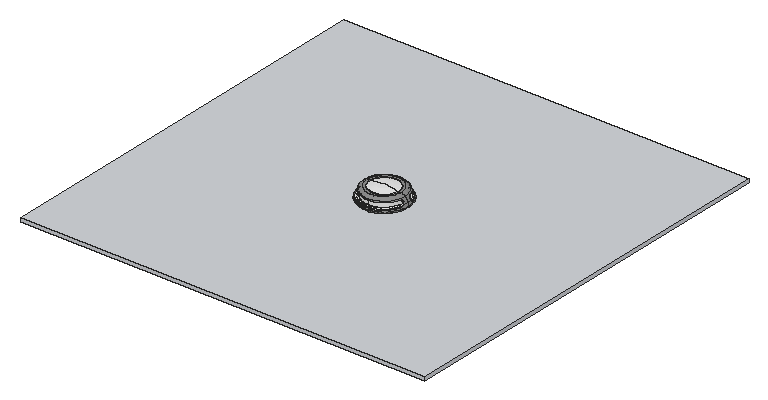
Revit family
Parameters (values of type "AM 1x16w TC-DDEL HF RD S ANT")
  Width = 293 mm
  Web Link to Docs = "www.thornlighting.com/en"
  Wattage Comments = ""
  Wattage = 36.2069 W
  Warrenty = ""
  built-in parameter 1150110 = 1 (stored number, unit not read)
  built-in parameter 1114217 = 1 (stored number, unit not read)
  Tilt Angle = -90.00°
  built-in parameter 1150109 = 1 (stored number, unit not read)
  built-in parameter 1150134 = 12
  built-in parameter 1150113 = 1 (stored number, unit not read)
  Supply Circuit Connections = ""
  Special Considerations = ""
  Spares List = "http://www.thornlighting.com/en/contact-us/contact-form"
  Sap Code = "96226989"
  Rating = "16"
  Power Factor = 0.63
  Placement Type = "Ceiling / Wall"
  Photometric Web File = "AM 1x16w TC-DDEL HF RD S ANT.IES"
  Phase Ref = ""
  Omniclass / Uniclass = ""
  No of Sources = 1
  No of Lamps = 1
  Mounting Type = "Surface"
  Mass = "1.6"
  Manufacturer = "Thorn Lighting"
  built-in parameter 1150105 = 83.556 (stored number, unit not read)
  Lumens = 1050 lm
  built-in parameter 1150115 = 1 (stored number, unit not read)
  built-in parameter 1150137 = (empty or 0)
  built-in parameter 1150139 = (empty or 0)
  Length = 293 mm
  Lamp Type = "Compact Fluroescent"
  built-in parameter 1150112 = 1 (stored number, unit not read)
  Lamp Position = "std"
  built-in parameter 1150114 = 1 (stored number, unit not read)
  Lamp = "16W TC-DDEL"
  built-in parameter 1150132 = 2
  built-in parameter 1150102 = (empty or 0)
  built-in parameter 1150107 = 4000 (stored number, unit not read)
  built-in parameter 1150138 = (empty or 0)
  built-in parameter 1150106 = 0.83556 (stored number, unit not read)
  IP Rating = "IP65"
  IK Rating = "IK09"
  Hz = 50 Hz
  Height = 79 mm
  F Marking = ""
  Emit from Circle Diameter = 200 mm
  Emit Shape Visible in Rendering = no
  built-in parameter 1150104 = 2.6942 (stored number, unit not read)
  Earthing Class = "1"
  Earth Present = yes
  Dimming Lamp Color Temperature Shift = (empty or 0)
  Default Elevation = 1219.2 mm
  Cost = 0
  Color Filter = 16777215
  Circuit Watts = 18 W
  CAD Model Ref Link = "www.thornlighting.com/en"
  Batch Ref = ""
  Ballast Type = "A3"
  built-in parameter 1114218 = 1 (stored number, unit not read)
  built-in parameter 1150133 = 10 (stored number, unit not read)
  Assembly Place = ""
  Aquisition date = ""
  Apparent Load = Circuit Watts / Power Factor  # 28.5714 VA
Types (3, lengths in mm): name | Width | Wattage | Sap Code | Rating | Power Factor | Photometric Web File | No of Lamps | Mass | built-in parameter 1150105 | Lumens | Length | Lamp | built-in parameter 1150106 | built-in parameter 1150104 | Circuit Watts | Ballast Type | Apparent Load
  (no name) | 293 | 36.2069 W | "96226989" | "16" | 0.63 | "AM 1x16w TC-DDEL HF RD S ANT.IES" | 1 | "1.6" | 83.556 (stored number, unit not read) | 1050 lm | 293 | "16W TC-DDEL" | 0.83556 (stored number, unit not read) | 2.6942 (stored number, unit not read) | 18 W | "A3" | 28.5714 VA
  AM 1x16w TC-DDEL HF RD S ANT | 293 | 36.2069 W | "96226989" | "16" | 0.63 | "AM 1x16w TC-DDEL HF RD S ANT.IES" | 1 | "1.6" | 83.556 (stored number, unit not read) | 1050 lm | 293 | "16W TC-DDEL" | 0.83556 (stored number, unit not read) | 2.6942 (stored number, unit not read) | 18 W | "A3" | 28.5714 VA
  AM 2x9w TC-SEL HF RD S ANT | 295 | 44.4444 W | "96226947" | "9" | 0.6 | "AM 2x9w TC-SEL HF RD S ANT.IES" | 2 | "1.5" | 95.493 (stored number, unit not read) | 1200 lm | 295 | "9W TC-SEL" | 0.95493 (stored number, unit not read) | 2.5084 (stored number, unit not read) | 18.5 W | "A2" | 30.8333 VA
Reference planes
  plane 1 "Centre (Front/Back)": y = 0
  plane 2: z = 0
  plane 3 "Centre (Left/Right)": x = 0
Forms (mm)
  Extrusion 1, solid
    sketch origin (0, 0, 0) x (1, 0, 0) y (0, 1, 0)
      loop
        line (-1219.2, 1219.2) -> (-1219.2, -1219.2) -> (1219.2, -1219.2) -> (1219.2, 1219.2) -> (-1219.2, 1219.2)
    from 0 to -20
  Revolve 2, solid, material "Thorn Opal Polycarbonate"
    sketch origin (0, 0, 0) x (1, 0, 0) y (0, 0, 1)
      loop
        arc (0, 77) -> (-43.03, 74.745) -> (-85.588, 68.004) r 411.655
        line (-85.588, 68.004) -> (-85.588, 65.959)
        arc (-85.588, 65.959) -> (-43.032, 72.734) -> (0, 75) r 409.655
        line (0, 75) -> (0, 77)
      axis (0, 77) -> (0, 65.959)
    angle from 0 to 360
  Revolve 3, solid, material "Thorn Grey Aluminium"
    sketch origin (0, 0, 0) x (1, 0, 0) y (0, 0, 1)
      loop
        arc (-103.073, 68.084) -> (-115.943, 63.61) -> (-125.717, 54.116) r 31.479
        arc (-125.717, 54.116) -> (-134.008, 40.464) -> (-140.207, 25.744) r 108.636
        arc (-140.207, 25.744) -> (-143.434, 16.457) -> (-146.315, 7.056) r 265.193
        arc (-146.315, 7.056) -> (-146.303, 5.885) -> (-145.714, 4.873) r 2.296
        arc (-145.714, 4.873) -> (-144.491, 3.441) -> (-142.975, 2.325) r 8.233
        arc (-142.975, 2.325) -> (-138.44, 0.64) -> (-133.644, 0) r 21.718
        line (-133.644, 0) -> (-85.588, 0) -> (-85.588, 2) -> (-133.623, 2)
        arc (-133.623, 2) -> (-137.939, 2.576) -> (-142.024, 4.086) r 19.718
        arc (-142.024, 4.086) -> (-143.374, 5.147) -> (-144.384, 6.536) r 6.233
        arc (-144.384, 6.536) -> (-141.524, 15.864) -> (-138.321, 25.079) r 263.193
        arc (-138.321, 25.079) -> (-132.224, 39.559) -> (-124.066, 52.986) r 106.636
        arc (-124.066, 52.986) -> (-114.957, 61.868) -> (-102.954, 66.084) r 29.479
        line (-102.954, 66.084) -> (-85.588, 66.084) -> (-85.588, 68.084) -> (-103.073, 68.084)
      axis (0, 68.084) -> (0, 0)
    angle from 0 to 360
  Extrusion 4, void
    sketch origin (0, 0, 0) x (0, 1, 0) y (0, 0, 1)
      loop
        arc (39.428, 51.303) -> (21.565, 33.441) -> (39.428, 15.578) r 17.863
        line (39.428, 15.578) -> (156.033, 15.578) -> (156.033, 51.303) -> (39.428, 51.303)
      loop
        line (-39.428, 51.303) -> (-156.033, 51.303) -> (-156.033, 15.578) -> (-39.428, 15.578)
        arc (-39.428, 15.578) -> (-21.565, 33.441) -> (-39.428, 51.303) r 17.863
    from 200 to -200
  Revolve 5, solid, material "Thorn Opal Polycarbonate"
    sketch origin (0, 0, 0) x (0, 1, 0) y (0, 0, 1)
      loop
        line (118.195, 19.768) -> (116.543, 51.303) -> (125.17, 51.303) -> (123.77, 53.303) -> (114.435, 53.303) -> (116.198, 19.663)
        arc (116.198, 19.663) -> (117.654, 16.391) -> (120.925, 14.932) r 5
        arc (120.925, 14.932) -> (125.5, 14.47) -> (130.01, 13.578) r 48.566
        line (130.01, 13.578) -> (142.142, 13.578) -> (141.531, 15.578) -> (130.251, 15.578)
        arc (130.251, 15.578) -> (125.673, 16.466) -> (121.031, 16.929) r 50.566
        arc (121.031, 16.929) -> (119.069, 17.804) -> (118.195, 19.768) r 3
      axis (0, 53.303) -> (0, 13.578)
    angle from 0 to 360
Cuts and joins
  Extrusion 4 cuts Revolve 3
Dimensions and locks
  aligned and locked: plane 2 to Extrusion 1
  aligned and locked: level to Extrusion 1
Connectors
  electrical at (0, 0, 0)
    settings: on cut or joined group of Revolve 3, Extrusion 4, index 1, voltage 0 V, apparent load 0 VA, apparent load phase1 0 VA, apparent load phase2 0 VA, apparent load phase3 0 VA, power factor 1, load classification "Other", number of poles 1, system type 31, power factor state 1, is connector primary yes, connector utility no, sub classification motor no, connector description ""
